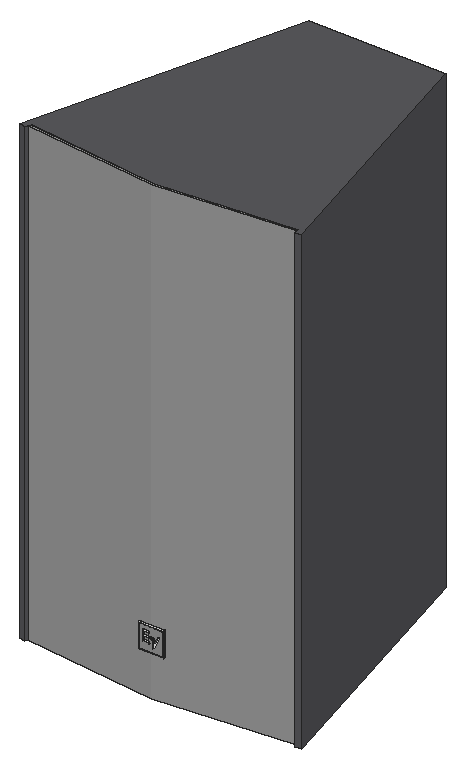
Revit family "EVF-1151S ", category Communication Devices, Revit 2017 (continued)
Definition of nested family "InputPanelV"
  Lines and regions (mm)
    model lines, not visible
      curve 201: line (60.368, -9.5, 74.713) -> (61.054, -9.5, 74.153)
      curve 202: line (61.054, -9.5, 74.153) -> (61.864, -9.5, 73.957)
      curve 203: line (61.864, -9.5, 73.957) -> (62.673, -9.5, 74.153)
      curve 204: line (62.673, -9.5, 74.153) -> (63.359, -9.5, 74.713)
      curve 205: line (63.359, -9.5, 74.713) -> (63.814, -9.5, 75.544)
      curve 206: line (63.818, -9.5, 75.551) -> (64.101, -9.5, 76.539)
      curve 207: line (64.101, -9.5, 76.539) -> (64.793, -9.5, 76.539)
      curve 208: line (64.793, -9.5, 76.539) -> (66.91, -9.5, 76.54)
      curve 209: line (66.91, -9.5, 76.54) -> (66.91, -9.5, 70.344)
      curve 210: line (61.049, -9.5, 85.998) -> (60.837, -9.5, 85.998)
      curve 211: line (60.837, -9.5, 85.998) -> (60.837, -9.5, 85.655)
      curve 212: line (60.916, -9.5, 85.517) -> (61.049, -9.5, 85.391)
      curve 213: line (61.049, -9.5, 85.391) -> (61.049, -9.5, 85.998)
      curve 214: line (61.049, -9.5, 85.998) -> (62.676, -9.5, 85.999)
      curve 215: line (62.676, -9.5, 85.999) -> (62.676, -9.5, 85.392)
      curve 216: line (62.676, -9.5, 79.084) -> (62.676, -9.5, 80.299)
      curve 217: line (62.677, -9.5, 72.779) -> (62.677, -9.5, 73.994)
      curve 218: line (62.678, -9.5, 66.472) -> (62.678, -9.5, 67.687)
      curve 219: line (61.052, -9.5, 60.773) -> (60.84, -9.5, 60.773)
      curve 220: line (60.84, -9.5, 60.773) -> (60.84, -9.5, 61.139)
      curve 221: line (60.918, -9.5, 61.255) -> (61.052, -9.5, 61.381)
      curve 222: line (61.052, -9.5, 61.381) -> (61.052, -9.5, 60.773)
      curve 223: line (61.052, -9.5, 60.773) -> (62.679, -9.5, 60.773)
      curve 224: line (62.679, -9.5, 60.773) -> (62.679, -9.5, 61.381)
      curve 225: line (60.839, -9.5, 66.735) -> (60.842, -9.5, 67.413)
      curve 226: line (60.918, -9.5, 67.56) -> (61.051, -9.5, 67.686)
      curve 227: line (61.051, -9.5, 67.686) -> (61.051, -9.5, 66.471)
      curve 228: line (61.051, -9.5, 66.471) -> (60.918, -9.5, 66.598)
      curve 229: line (61.05, -9.5, 72.779) -> (61.05, -9.5, 73.994)
      curve 230: line (61.05, -9.5, 73.994) -> (60.917, -9.5, 73.867)
      curve 231: line (60.838, -9.5, 73.752) -> (60.838, -9.5, 73.043)
      curve 232: line (60.917, -9.5, 72.905) -> (61.05, -9.5, 72.779)
      curve 233: line (60.838, -9.5, 79.348) -> (60.841, -9.5, 80.026)
      curve 234: line (60.916, -9.5, 80.173) -> (61.049, -9.5, 80.299)
      curve 235: line (61.049, -9.5, 80.299) -> (61.049, -9.5, 79.084)
      curve 236: line (61.049, -9.5, 79.084) -> (60.916, -9.5, 79.21)
      curve 237: line (65.486, -9.5, 73.675) -> (63.369, -9.5, 73.675)
      curve 238: line (63.369, -9.5, 73.675) -> (63.369, -9.5, 73.098)
      curve 239: line (63.369, -9.5, 73.098) -> (65.486, -9.5, 73.099)
      curve 240: line (65.486, -9.5, 73.099) -> (65.486, -9.5, 73.675)
      curve 241: line (65.487, -9.5, 67.368) -> (65.487, -9.5, 66.791)
      curve 242: line (65.487, -9.5, 66.791) -> (63.37, -9.5, 66.791)
      curve 243: line (63.37, -9.5, 66.791) -> (63.369, -9.5, 67.367)
      curve 244: line (63.369, -9.5, 67.367) -> (65.487, -9.5, 67.368)
      curve 245: line (65.485, -9.5, 79.98) -> (65.485, -9.5, 79.404)
      curve 246: line (65.485, -9.5, 79.404) -> (63.368, -9.5, 79.404)
      curve 247: line (63.368, -9.5, 79.404) -> (63.368, -9.5, 79.98)
      curve 248: line (63.368, -9.5, 79.98) -> (65.485, -9.5, 79.98)
      curve 249: line (63.37, -9.5, 60.773) -> (65.488, -9.5, 60.774)
      curve 250: line (65.488, -9.5, 60.774) -> (65.488, -9.5, 61.062)
      curve 251: line (65.488, -9.5, 61.062) -> (63.37, -9.5, 61.062)
      curve 252: line (63.37, -9.5, 61.062) -> (63.37, -9.5, 60.773)
      curve 253: line (63.37, -9.5, 60.773) -> (62.679, -9.5, 60.773)
      curve 254: line (62.676, -9.5, 85.999) -> (63.367, -9.5, 85.999)
      curve 255: line (63.367, -9.5, 85.999) -> (63.367, -9.5, 85.711)
      curve 256: line (63.367, -9.5, 85.711) -> (65.485, -9.5, 85.711)
      curve 257: line (65.485, -9.5, 85.711) -> (65.485, -9.5, 85.999)
      curve 258: line (65.485, -9.5, 85.999) -> (63.367, -9.5, 85.999)
      curve 259: line (63.973, -9.5, 63.722) -> (62.18, -9.5, 65.91)
      curve 260: line (62.18, -9.5, 65.91) -> (62.671, -9.5, 66.243)
      curve 261: line (63.973, -9.5, 70.028) -> (62.179, -9.5, 72.217)
      curve 262: line (62.179, -9.5, 72.217) -> (62.67, -9.5, 72.549)
      curve 263: line (63.946, -9.5, 63.467) -> (62.347, -9.5, 65.419)
      curve 264: line (62.347, -9.5, 65.419) -> (61.777, -9.5, 65.419)
      curve 265: line (61.777, -9.5, 65.419) -> (63.815, -9.5, 62.932)
      curve 266: line (63.945, -9.5, 69.773) -> (62.346, -9.5, 71.725)
      curve 267: line (62.346, -9.5, 71.725) -> (61.777, -9.5, 71.725)
      curve 268: line (61.777, -9.5, 71.725) -> (63.815, -9.5, 69.238)
      curve 269: line (63.945, -9.5, 76.08) -> (62.345, -9.5, 78.032)
      curve 270: line (62.345, -9.5, 78.032) -> (61.776, -9.5, 78.031)
      curve 271: line (61.776, -9.5, 78.031) -> (63.814, -9.5, 75.544)
      curve 272: line (63.972, -9.5, 76.334) -> (62.178, -9.5, 78.523)
      curve 273: line (62.178, -9.5, 78.523) -> (62.669, -9.5, 78.856)
      curve 274: line (63.971, -9.5, 82.641) -> (62.178, -9.5, 84.829)
      curve 275: line (62.178, -9.5, 84.829) -> (62.669, -9.5, 85.162)
      curve 276: line (63.944, -9.5, 82.386) -> (62.345, -9.5, 84.338)
      curve 277: line (62.345, -9.5, 84.338) -> (61.775, -9.5, 84.338)
      curve 278: line (61.775, -9.5, 84.338) -> (63.813, -9.5, 81.851)
      curve 279: line (66.909, -9.5, 82.956) -> (66.908, -9.5, 85.999)
      curve 280: line (66.908, -9.5, 85.999) -> (72.332, -9.5, 86)
      curve 281: line (72.332, -9.5, 86) -> (72.335, -9.5, 60.774)
      curve 282: line (72.335, -9.5, 60.774) -> (66.911, -9.5, 60.774)
      curve 283: line (65.485, -9.5, 85.999) -> (66.908, -9.5, 85.999)
      curve 284: line (72.332, -9.5, 86) -> (72.658, -9.5, 86)
      curve 285: line (72.658, -9.5, 86) -> (72.661, -9.5, 60.775)
      curve 286: line (72.661, -9.5, 60.775) -> (72.335, -9.5, 60.774)
      curve 287: line (72.335, -9.5, 60.774) -> (72.464, -9.5, 60.647)
      curve 288: line (72.464, -9.5, 60.647) -> (72.586, -9.5, 60.47)
      curve 289: line (73.116, -9.5, 67.379) -> (73.115, -9.5, 72.891)
      curve 290: line (73.115, -9.5, 72.891) -> (77.33, -9.5, 72.891)
      curve 291: line (77.33, -9.5, 72.891) -> (77.331, -9.5, 67.379)
      curve 292: line (77.331, -9.5, 67.379) -> (73.116, -9.5, 67.379)
      curve 293: line (77.331, -9.5, 66.783) -> (77.332, -9.5, 61.272)
      curve 294: line (77.332, -9.5, 61.272) -> (73.116, -9.5, 61.271)
      curve 295: line (73.116, -9.5, 61.271) -> (73.116, -9.5, 66.783)
      curve 296: line (73.116, -9.5, 66.783) -> (77.331, -9.5, 66.783)
      curve 297: line (72.661, -9.5, 60.775) -> (77.787, -9.5, 60.775)
      curve 298: line (77.787, -9.5, 60.775) -> (77.784, -9.5, 86)
      curve 299: line (77.784, -9.5, 86) -> (72.658, -9.5, 86)
      curve 300: line (73.114, -9.5, 79.991) -> (73.113, -9.5, 85.503)
      curve 301: line (73.113, -9.5, 85.503) -> (77.329, -9.5, 85.504)
      curve 302: line (77.329, -9.5, 85.504) -> (77.329, -9.5, 79.992)
      curve 303: line (77.329, -9.5, 79.992) -> (73.114, -9.5, 79.991)
      curve 304: line (77.329, -9.5, 79.396) -> (77.33, -9.5, 73.884)
      curve 305: line (77.33, -9.5, 73.884) -> (73.115, -9.5, 73.884)
      curve 306: line (73.115, -9.5, 73.884) -> (73.114, -9.5, 79.396)
      curve 307: line (73.114, -9.5, 79.396) -> (77.329, -9.5, 79.396)
      curve 308: line (73.114, -9.5, 81.158) -> (74.522, -9.5, 81.159)
      curve 309: line (74.522, -9.5, 81.159) -> (74.848, -9.5, 80.47)
      curve 310: line (74.848, -9.5, 80.47) -> (75.233, -9.5, 79.992)
      curve 311: line (73.116, -9.5, 68.546) -> (74.524, -9.5, 68.546)
      curve 312: line (74.524, -9.5, 68.546) -> (74.849, -9.5, 67.858)
      curve 313: line (74.849, -9.5, 67.858) -> (75.235, -9.5, 67.379)
      curve 314: line (73.114, -9.5, 78.229) -> (74.523, -9.5, 78.229)
      curve 315: line (74.523, -9.5, 78.229) -> (74.848, -9.5, 78.917)
      curve 316: line (74.848, -9.5, 78.917) -> (75.233, -9.5, 79.396)
      curve 317: line (73.116, -9.5, 65.616) -> (74.524, -9.5, 65.616)
      curve 318: line (74.524, -9.5, 65.616) -> (74.85, -9.5, 66.304)
      curve 319: line (74.85, -9.5, 66.304) -> (75.235, -9.5, 66.783)
      curve 320: line (73.116, -9.5, 62.239) -> (74.525, -9.5, 62.24)
      curve 321: line (74.525, -9.5, 62.24) -> (74.85, -9.5, 61.552)
      curve 322: line (74.85, -9.5, 61.552) -> (75.076, -9.5, 61.271)
      curve 323: line (73.115, -9.5, 74.852) -> (74.523, -9.5, 74.852)
      curve 324: line (74.523, -9.5, 74.852) -> (74.849, -9.5, 74.164)
      curve 325: line (74.849, -9.5, 74.164) -> (75.074, -9.5, 73.884)
      curve 326: line (73.115, -9.5, 71.922) -> (74.524, -9.5, 71.923)
      curve 327: line (74.524, -9.5, 71.923) -> (74.849, -9.5, 72.611)
      curve 328: line (75.074, -9.5, 72.891) -> (74.849, -9.5, 72.611)
      curve 329: line (74.849, -9.5, 72.611) -> (74.849, -9.5, 67.858)
      curve 330: line (73.114, -9.5, 84.535) -> (74.522, -9.5, 84.535)
      curve 331: line (74.522, -9.5, 84.535) -> (74.847, -9.5, 85.223)
      curve 332: line (74.847, -9.5, 85.223) -> (74.848, -9.5, 80.47)
      curve 333: line (75.073, -9.5, 85.503) -> (74.847, -9.5, 85.223)
      curve 334: line (74.524, -9.5, 65.616) -> (74.525, -9.5, 62.24)
      curve 335: line (74.523, -9.5, 78.229) -> (74.523, -9.5, 74.852)
      curve 336: line (74.524, -9.5, 68.546) -> (74.524, -9.5, 71.923)
      curve 337: line (74.522, -9.5, 81.159) -> (74.522, -9.5, 84.535)
      curve 338: line (72.586, -9.5, 60.208) -> (75.719, -9.5, 60.209)
      curve 339: line (75.719, -9.5, 60.209) -> (75.719, -9.5, 60.47)
      curve 340: line (75.719, -9.5, 60.47) -> (72.586, -9.5, 60.47)
      curve 341: line (72.586, -9.5, 60.47) -> (72.586, -9.5, 60.208)
      curve 342: line (72.586, -9.5, 60.208) -> (72.005, -9.5, 60.208)
      curve 343: line (72.005, -9.5, 60.208) -> (72.005, -9.5, 60.47)
      curve 344: line (72.005, -9.5, 60.47) -> (72.127, -9.5, 60.774)
      curve 345: line (72.464, -9.5, 60.647) -> (75.597, -9.5, 60.647)
      curve 346: line (75.597, -9.5, 60.647) -> (75.719, -9.5, 60.47)
      curve 347: line (76.233, -9.5, 66.783) -> (76.233, -9.5, 61.272)
      curve 348: line (76.231, -9.5, 79.396) -> (76.232, -9.5, 73.884)
      curve 349: line (76.232, -9.5, 72.891) -> (76.233, -9.5, 67.379)
      curve 350: line (76.23, -9.5, 85.504) -> (76.231, -9.5, 79.992)
      curve 351: line (74.85, -9.5, 66.304) -> (74.85, -9.5, 61.552)
      curve 352: line (74.848, -9.5, 78.917) -> (74.849, -9.5, 74.164)
      curve 353: line (65.589, -9.5, 60.469) -> (65.589, -9.5, 60.208)
      curve 354: line (65.589, -9.5, 60.208) -> (65.009, -9.5, 60.207)
      curve 355: line (65.009, -9.5, 60.207) -> (65.009, -9.5, 60.469)
      curve 356: line (65.009, -9.5, 60.469) -> (65.131, -9.5, 60.646)
      curve 357: line (65.589, -9.5, 60.208) -> (68.722, -9.5, 60.208)
      curve 358: line (68.722, -9.5, 60.208) -> (68.722, -9.5, 60.469)
      curve 359: line (54.498, -9.5, 76.538) -> (54.659, -9.5, 75.55)
      curve 360: line (54.659, -9.5, 75.55) -> (55.117, -9.5, 74.712)
      curve 361: line (55.117, -9.5, 74.712) -> (55.804, -9.5, 74.153)
      curve 362: line (55.804, -9.5, 74.153) -> (56.613, -9.5, 73.956)
      curve 363: line (56.613, -9.5, 73.956) -> (57.422, -9.5, 74.153)
      curve 364: line (57.422, -9.5, 74.153) -> (58.109, -9.5, 74.713)
      curve 365: line (58.109, -9.5, 74.713) -> (58.567, -9.5, 75.55)
      curve 366: line (58.567, -9.5, 75.55) -> (58.728, -9.5, 76.539)
      curve 367: line (58.728, -9.5, 76.539) -> (58.567, -9.5, 77.527)
      curve 368: line (58.567, -9.5, 77.527) -> (58.108, -9.5, 78.364)
      curve 369: line (58.108, -9.5, 78.364) -> (57.422, -9.5, 78.924)
      curve 370: line (57.422, -9.5, 78.924) -> (56.612, -9.5, 79.12)
      curve 371: line (56.612, -9.5, 79.12) -> (55.803, -9.5, 78.924)
      curve 372: line (55.803, -9.5, 78.924) -> (55.117, -9.5, 78.364)
      curve 373: line (55.117, -9.5, 78.364) -> (54.662, -9.5, 77.533)
      curve 374: line (54.659, -9.5, 77.526) -> (54.374, -9.5, 76.538)
      curve 375: line (54.374, -9.5, 76.538) -> (53.682, -9.5, 76.538)
      curve 376: line (53.682, -9.5, 76.538) -> (51.565, -9.5, 76.538)
      curve 377: line (51.565, -9.5, 76.538) -> (51.566, -9.5, 82.763)
      curve 378: line (54.499, -9.5, 63.925) -> (54.66, -9.5, 62.937)
      curve 379: line (54.66, -9.5, 62.937) -> (55.119, -9.5, 62.1)
      curve 380: line (55.119, -9.5, 62.1) -> (55.805, -9.5, 61.54)
      curve 381: line (55.805, -9.5, 61.54) -> (56.615, -9.5, 61.344)
      curve 382: line (56.615, -9.5, 61.344) -> (57.424, -9.5, 61.54)
      curve 383: line (57.424, -9.5, 61.54) -> (58.11, -9.5, 62.1)
      curve 384: line (58.11, -9.5, 62.1) -> (58.569, -9.5, 62.938)
      curve 385: line (58.569, -9.5, 62.938) -> (58.729, -9.5, 63.926)
      curve 386: line (58.729, -9.5, 63.926) -> (58.568, -9.5, 64.914)
      curve 387: line (58.568, -9.5, 64.914) -> (58.11, -9.5, 65.752)
      curve 388: line (58.11, -9.5, 65.752) -> (57.423, -9.5, 66.311)
      curve 389: line (57.423, -9.5, 66.311) -> (56.614, -9.5, 66.508)
      curve 390: line (56.614, -9.5, 66.508) -> (55.805, -9.5, 66.311)
      curve 391: line (55.805, -9.5, 66.311) -> (55.118, -9.5, 65.751)
      curve 392: line (55.118, -9.5, 65.751) -> (54.664, -9.5, 64.92)
      curve 393: line (54.66, -9.5, 64.914) -> (54.376, -9.5, 63.925)
      curve 394: line (54.376, -9.5, 63.925) -> (53.684, -9.5, 63.925)
      curve 395: line (53.684, -9.5, 63.925) -> (51.566, -9.5, 63.925)
      curve 396: line (51.566, -9.5, 63.925) -> (51.567, -9.5, 70.15)
      curve 397: line (54.497, -9.5, 82.844) -> (54.658, -9.5, 81.856)
      curve 398: line (54.658, -9.5, 81.856) -> (55.117, -9.5, 81.019)
      curve 399: line (55.117, -9.5, 81.019) -> (55.803, -9.5, 80.459)
      curve 400: line (55.803, -9.5, 80.459) -> (56.612, -9.5, 80.263)
      curve 401: line (56.612, -9.5, 80.263) -> (57.422, -9.5, 80.459)
      curve 402: line (57.422, -9.5, 80.459) -> (58.108, -9.5, 81.019)
      curve 403: line (58.108, -9.5, 81.019) -> (58.566, -9.5, 81.857)
      curve 404: line (58.566, -9.5, 81.857) -> (58.727, -9.5, 82.845)
      curve 405: line (58.727, -9.5, 82.845) -> (58.566, -9.5, 83.833)
      curve 406: line (58.566, -9.5, 83.833) -> (58.107, -9.5, 84.671)
      curve 407: line (58.107, -9.5, 84.671) -> (57.421, -9.5, 85.23)
      curve 408: line (57.421, -9.5, 85.23) -> (56.612, -9.5, 85.427)
      curve 409: line (56.612, -9.5, 85.427) -> (55.802, -9.5, 85.23)
      curve 410: line (55.802, -9.5, 85.23) -> (55.116, -9.5, 84.67)
      curve 411: line (55.116, -9.5, 84.67) -> (54.661, -9.5, 83.839)
      curve 412: line (54.658, -9.5, 83.833) -> (54.374, -9.5, 82.844)
      curve 413: line (54.374, -9.5, 82.844) -> (53.682, -9.5, 82.844)
      curve 414: line (53.682, -9.5, 82.844) -> (51.565, -9.5, 82.844)
      curve 415: line (51.565, -9.5, 82.844) -> (51.565, -9.5, 85.997)
      curve 416: line (54.498, -9.5, 70.232) -> (54.66, -9.5, 69.244)
      curve 417: line (54.66, -9.5, 69.244) -> (55.118, -9.5, 68.406)
      curve 418: line (55.118, -9.5, 68.406) -> (55.804, -9.5, 67.846)
      curve 419: line (55.804, -9.5, 67.846) -> (56.614, -9.5, 67.65)
      curve 420: line (56.614, -9.5, 67.65) -> (57.423, -9.5, 67.847)
      curve 421: line (57.423, -9.5, 67.847) -> (58.109, -9.5, 68.406)
      curve 422: line (58.109, -9.5, 68.406) -> (58.568, -9.5, 69.244)
      curve 423: line (58.568, -9.5, 69.244) -> (58.729, -9.5, 70.232)
      curve 424: line (58.729, -9.5, 70.232) -> (58.568, -9.5, 71.22)
      curve 425: line (58.568, -9.5, 71.22) -> (58.109, -9.5, 72.058)
      curve 426: line (58.109, -9.5, 72.058) -> (57.423, -9.5, 72.618)
      curve 427: line (57.423, -9.5, 72.618) -> (56.613, -9.5, 72.814)
      curve 428: line (56.613, -9.5, 72.814) -> (55.804, -9.5, 72.617)
      curve 429: line (55.804, -9.5, 72.617) -> (55.118, -9.5, 72.058)
      curve 430: line (55.118, -9.5, 72.058) -> (54.663, -9.5, 71.227)
      curve 431: line (54.659, -9.5, 71.22) -> (54.376, -9.5, 70.232)
      curve 432: line (54.376, -9.5, 70.232) -> (53.684, -9.5, 70.232)
      curve 433: line (53.684, -9.5, 70.232) -> (51.566, -9.5, 70.231)
      curve 434: line (51.566, -9.5, 70.231) -> (51.567, -9.5, 76.427)
      curve 435: line (57.428, -9.5, 60.773) -> (57.64, -9.5, 60.773)
      curve 436: line (57.64, -9.5, 60.773) -> (57.64, -9.5, 61.116)
      curve 437: line (57.561, -9.5, 61.254) -> (57.428, -9.5, 61.38)
      curve 438: line (57.428, -9.5, 61.38) -> (57.428, -9.5, 60.773)
      curve 439: line (57.428, -9.5, 60.773) -> (55.801, -9.5, 60.772)
      curve 440: line (55.801, -9.5, 60.772) -> (55.801, -9.5, 61.379)
      curve 441: line (55.8, -9.5, 67.687) -> (55.8, -9.5, 66.472)
      curve 442: line (55.8, -9.5, 73.992) -> (55.8, -9.5, 72.777)
      curve 443: line (55.799, -9.5, 80.299) -> (55.799, -9.5, 79.084)
      curve 444: line (57.425, -9.5, 85.998) -> (57.637, -9.5, 85.998)
      curve 445: line (57.637, -9.5, 85.998) -> (57.637, -9.5, 85.632)
      curve 446: line (57.558, -9.5, 85.516) -> (57.425, -9.5, 85.39)
      curve 447: line (57.425, -9.5, 85.39) -> (57.425, -9.5, 85.998)
      curve 448: line (57.425, -9.5, 85.998) -> (55.798, -9.5, 85.998)
      curve 449: line (55.798, -9.5, 85.998) -> (55.798, -9.5, 85.39)
      curve 450: line (57.638, -9.5, 80.036) -> (57.634, -9.5, 79.358)
      curve 451: line (57.559, -9.5, 79.211) -> (57.426, -9.5, 79.085)
      curve 452: line (57.426, -9.5, 79.085) -> (57.426, -9.5, 80.3)
      curve 453: line (57.426, -9.5, 80.3) -> (57.559, -9.5, 80.173)
      curve 454: line (57.427, -9.5, 73.992) -> (57.427, -9.5, 72.777)
      curve 455: line (57.427, -9.5, 72.777) -> (57.56, -9.5, 72.903)
      curve 456: line (57.638, -9.5, 73.019) -> (57.638, -9.5, 73.728)
      curve 457: line (57.56, -9.5, 73.866) -> (57.427, -9.5, 73.992)
      curve 458: line (57.639, -9.5, 67.423) -> (57.636, -9.5, 66.745)
      curve 459: line (57.561, -9.5, 66.598) -> (57.428, -9.5, 66.472)
      curve 460: line (57.428, -9.5, 66.472) -> (57.427, -9.5, 67.687)
      curve 461: line (57.427, -9.5, 67.687) -> (57.561, -9.5, 67.561)
      curve 462: line (52.991, -9.5, 73.096) -> (55.108, -9.5, 73.096)
      curve 463: line (55.108, -9.5, 73.096) -> (55.108, -9.5, 73.673)
      curve 464: line (55.108, -9.5, 73.673) -> (52.991, -9.5, 73.672)
      curve 465: line (52.991, -9.5, 73.672) -> (52.991, -9.5, 73.096)
      curve 466: line (52.99, -9.5, 79.403) -> (52.99, -9.5, 79.98)
      curve 467: line (52.99, -9.5, 79.98) -> (55.107, -9.5, 79.98)
      curve 468: line (55.107, -9.5, 79.98) -> (55.107, -9.5, 79.404)
      curve 469: line (55.107, -9.5, 79.404) -> (52.99, -9.5, 79.403)
      curve 470: line (52.991, -9.5, 66.791) -> (52.991, -9.5, 67.367)
      curve 471: line (52.991, -9.5, 67.367) -> (55.109, -9.5, 67.367)
      curve 472: line (55.109, -9.5, 67.367) -> (55.109, -9.5, 66.791)
      curve 473: line (55.109, -9.5, 66.791) -> (52.991, -9.5, 66.791)
      curve 474: line (55.107, -9.5, 85.998) -> (52.989, -9.5, 85.997)
      curve 475: line (52.989, -9.5, 85.997) -> (52.989, -9.5, 85.709)
      curve 476: line (52.989, -9.5, 85.709) -> (55.107, -9.5, 85.709)
      curve 477: line (55.107, -9.5, 85.709) -> (55.107, -9.5, 85.998)
      curve 478: line (55.107, -9.5, 85.998) -> (55.798, -9.5, 85.998)
      curve 479: line (55.801, -9.5, 60.772) -> (55.11, -9.5, 60.772)
      curve 480: line (55.11, -9.5, 60.772) -> (55.11, -9.5, 61.06)
      curve 481: line (55.11, -9.5, 61.06) -> (52.992, -9.5, 61.06)
      curve 482: line (52.992, -9.5, 61.06) -> (52.992, -9.5, 60.772)
      curve 483: line (52.992, -9.5, 60.772) -> (55.11, -9.5, 60.772)
      curve 484: line (54.504, -9.5, 76.743) -> (56.298, -9.5, 74.554)
      curve 485: line (56.298, -9.5, 74.554) -> (55.807, -9.5, 74.222)
      curve 486: line (54.503, -9.5, 83.049) -> (56.297, -9.5, 80.86)
      curve 487: line (56.297, -9.5, 80.86) -> (55.806, -9.5, 80.528)
      curve 488: line (54.531, -9.5, 76.998) -> (56.131, -9.5, 75.046)
      curve 489: line (56.131, -9.5, 75.046) -> (56.7, -9.5, 75.046)
      curve 490: line (56.7, -9.5, 75.046) -> (54.662, -9.5, 77.533)
      curve 491: line (54.531, -9.5, 83.304) -> (56.13, -9.5, 81.352)
      curve 492: line (56.13, -9.5, 81.352) -> (56.699, -9.5, 81.352)
      curve 493: line (56.699, -9.5, 81.352) -> (54.661, -9.5, 83.839)
      curve 494: line (54.505, -9.5, 70.437) -> (56.298, -9.5, 68.248)
      curve 495: line (56.298, -9.5, 68.248) -> (55.807, -9.5, 67.915)
      curve 496: line (54.506, -9.5, 64.13) -> (56.299, -9.5, 61.942)
      curve 497: line (56.299, -9.5, 61.942) -> (55.808, -9.5, 61.609)
      curve 498: line (54.533, -9.5, 64.385) -> (56.132, -9.5, 62.433)
      curve 499: line (56.132, -9.5, 62.433) -> (56.702, -9.5, 62.433)
      curve 500: line (56.702, -9.5, 62.433) -> (54.664, -9.5, 64.92)
      curve 501: line (54.532, -9.5, 70.691) -> (56.131, -9.5, 68.739)
      curve 502: line (56.131, -9.5, 68.739) -> (56.701, -9.5, 68.739)
      curve 503: line (56.701, -9.5, 68.739) -> (54.663, -9.5, 71.227)
      curve 504: line (51.568, -9.5, 63.815) -> (51.568, -9.5, 60.772)
      curve 505: line (51.568, -9.5, 60.772) -> (46.145, -9.5, 60.771)
      curve 506: line (46.145, -9.5, 60.771) -> (46.141, -9.5, 85.996)
      curve 507: line (46.141, -9.5, 85.996) -> (51.565, -9.5, 85.997)
      curve 508: line (51.565, -9.5, 85.997) -> (52.989, -9.5, 85.997)
      curve 509: line (52.989, -9.5, 85.997) -> (49.876, -9.5, 86.125)
      curve 510: line (49.876, -9.5, 86.125) -> (49.754, -9.5, 86.302)
      curve 511: line (52.992, -9.5, 60.772) -> (51.568, -9.5, 60.772)
      curve 512: line (45.361, -9.5, 79.392) -> (45.362, -9.5, 73.88)
      curve 513: line (45.362, -9.5, 73.88) -> (41.147, -9.5, 73.88)
      curve 514: line (41.147, -9.5, 73.88) -> (41.146, -9.5, 79.392)
      curve 515: line (41.146, -9.5, 79.392) -> (45.361, -9.5, 79.392)
      curve 516: line (41.146, -9.5, 79.988) -> (41.145, -9.5, 85.499)
      curve 517: line (41.145, -9.5, 85.499) -> (45.36, -9.5, 85.5)
      curve 518: line (45.36, -9.5, 85.5) -> (45.361, -9.5, 79.988)
      curve 519: line (45.361, -9.5, 79.988) -> (41.146, -9.5, 79.988)
      curve 520: line (45.819, -9.5, 60.771) -> (45.816, -9.5, 85.996)
      curve 521: line (45.816, -9.5, 85.996) -> (40.689, -9.5, 85.996)
      curve 522: line (40.689, -9.5, 85.996) -> (40.692, -9.5, 60.771)
      curve 523: line (40.692, -9.5, 60.771) -> (45.819, -9.5, 60.771)
      curve 524: line (45.819, -9.5, 60.771) -> (46.145, -9.5, 60.771)
      curve 525: line (45.363, -9.5, 66.78) -> (45.363, -9.5, 61.268)
      curve 526: line (45.363, -9.5, 61.268) -> (41.148, -9.5, 61.267)
      curve 527: line (41.148, -9.5, 61.267) -> (41.147, -9.5, 66.779)
      curve 528: line (41.147, -9.5, 66.779) -> (45.363, -9.5, 66.78)
      curve 529: line (41.147, -9.5, 67.375) -> (41.147, -9.5, 72.887)
      curve 530: line (41.147, -9.5, 72.887) -> (45.362, -9.5, 72.887)
      curve 531: line (45.362, -9.5, 72.887) -> (45.363, -9.5, 67.375)
      curve 532: line (45.363, -9.5, 67.375) -> (41.147, -9.5, 67.375)
      curve 533: line (45.816, -9.5, 85.996) -> (46.141, -9.5, 85.996)
      curve 534: line (46.141, -9.5, 85.996) -> (42.88, -9.5, 86.124)
      curve 535: line (42.88, -9.5, 86.124) -> (42.758, -9.5, 86.301)
      curve 536: line (42.758, -9.5, 86.301) -> (45.891, -9.5, 86.301)
      curve 537: line (45.891, -9.5, 86.301) -> (46.013, -9.5, 86.124)
      curve 538: line (45.361, -9.5, 78.225) -> (43.953, -9.5, 78.225)
      curve 539: line (43.953, -9.5, 78.225) -> (43.627, -9.5, 78.913)
      curve 540: line (43.627, -9.5, 78.913) -> (43.242, -9.5, 79.392)
      curve 541: line (45.363, -9.5, 65.613) -> (43.954, -9.5, 65.612)
      curve 542: line (43.954, -9.5, 65.612) -> (43.629, -9.5, 66.3)
      curve 543: line (43.629, -9.5, 66.3) -> (43.244, -9.5, 66.779)
      curve 544: line (45.362, -9.5, 68.542) -> (43.954, -9.5, 68.542)
      curve 545: line (43.954, -9.5, 68.542) -> (43.629, -9.5, 67.854)
      curve 546: line (43.629, -9.5, 67.854) -> (43.244, -9.5, 67.375)
      curve 547: line (45.361, -9.5, 81.155) -> (43.952, -9.5, 81.155)
      curve 548: line (43.952, -9.5, 81.155) -> (43.627, -9.5, 80.467)
      curve 549: line (43.627, -9.5, 80.467) -> (43.242, -9.5, 79.988)
      curve 550: line (45.362, -9.5, 71.919) -> (43.954, -9.5, 71.919)
      curve 551: line (43.954, -9.5, 71.919) -> (43.628, -9.5, 72.607)
      curve 552: line (43.628, -9.5, 72.607) -> (43.403, -9.5, 72.887)
      curve 553: line (45.361, -9.5, 84.532) -> (43.952, -9.5, 84.531)
      curve 554: line (43.952, -9.5, 84.531) -> (43.627, -9.5, 85.219)
      curve 555: line (43.627, -9.5, 85.219) -> (43.401, -9.5, 85.5)
      curve 556: line (45.362, -9.5, 74.849) -> (43.953, -9.5, 74.848)
      curve 557: line (43.953, -9.5, 74.848) -> (43.628, -9.5, 74.16)
      curve 558: line (43.403, -9.5, 73.88) -> (43.628, -9.5, 74.16)
      curve 559: line (43.628, -9.5, 74.16) -> (43.627, -9.5, 78.913)
      curve 560: line (45.363, -9.5, 62.236) -> (43.955, -9.5, 62.236)
      curve 561: line (43.955, -9.5, 62.236) -> (43.629, -9.5, 61.548)
      curve 562: line (43.629, -9.5, 61.548) -> (43.629, -9.5, 66.3)
      curve 563: line (43.404, -9.5, 61.267) -> (43.629, -9.5, 61.548)
      curve 564: line (43.954, -9.5, 68.542) -> (43.954, -9.5, 71.919)
      curve 565: line (43.952, -9.5, 81.155) -> (43.952, -9.5, 84.531)
      curve 566: line (43.954, -9.5, 65.612) -> (43.955, -9.5, 62.236)
      curve 567: line (43.953, -9.5, 78.225) -> (43.953, -9.5, 74.848)
      curve 568: line (45.891, -9.5, 86.301) -> (45.891, -9.5, 86.563)
      curve 569: line (45.891, -9.5, 86.563) -> (42.758, -9.5, 86.562)
      curve 570: line (42.758, -9.5, 86.562) -> (42.758, -9.5, 86.301)
      curve 571: line (45.891, -9.5, 86.563) -> (46.472, -9.5, 86.563)
      curve 572: line (46.472, -9.5, 86.563) -> (46.472, -9.5, 86.301)
      curve 573: line (46.472, -9.5, 86.301) -> (46.35, -9.5, 86.124)
      curve 574: line (42.244, -9.5, 79.988) -> (42.243, -9.5, 85.499)
      curve 575: line (42.246, -9.5, 67.375) -> (42.245, -9.5, 72.887)
      curve 576: line (42.246, -9.5, 61.267) -> (42.246, -9.5, 66.779)
      curve 577: line (42.245, -9.5, 73.88) -> (42.244, -9.5, 79.392)
      curve 578: line (43.629, -9.5, 67.854) -> (43.628, -9.5, 72.607)
      curve 579: line (43.627, -9.5, 80.467) -> (43.627, -9.5, 85.219)
      curve 580: line (52.887, -9.5, 86.302) -> (53.009, -9.5, 86.125)
      curve 581: line (52.887, -9.5, 86.563) -> (52.887, -9.5, 86.302)
      curve 582: line (52.887, -9.5, 86.302) -> (49.754, -9.5, 86.302)
      curve 583: line (49.754, -9.5, 86.302) -> (49.754, -9.5, 86.563)
      curve 584: line (49.754, -9.5, 86.563) -> (52.887, -9.5, 86.563)
      curve 585: line (52.887, -9.5, 86.563) -> (53.468, -9.5, 86.563)
      curve 586: line (53.468, -9.5, 86.563) -> (53.468, -9.5, 86.302)
      curve 587: line (53.468, -9.5, 86.302) -> (53.346, -9.5, 86.125)
      curve 588: line (78.97, -9.5, 60.972) -> (78.967, -9.5, 85.803)
      curve 589: line (78.912, -9.5, 85.748) -> (78.915, -9.5, 61.027)
      curve 590: line (77.958, -9.5, 86.812) -> (40.515, -9.5, 86.808)
      curve 591: line (40.57, -9.5, 86.753) -> (77.903, -9.5, 86.757)
      curve 592: line (39.506, -9.5, 85.799) -> (39.509, -9.5, 60.968)
      curve 593: line (39.509, -9.5, 60.97) -> (39.561, -9.5, 85.744)
      curve 594: line (40.518, -9.5, 59.959) -> (77.962, -9.5, 59.963)
      curve 595: line (77.907, -9.5, 60.018) -> (40.573, -9.5, 60.014)
      curve 596: line (61.368, -9.5, 70.233) -> (59.749, -9.5, 70.232)
      curve 597: line (59.749, -9.5, 70.232) -> (59.415, -9.5, 70.232)
      curve 598: line (61.369, -9.5, 63.926) -> (59.75, -9.5, 63.926)
      curve 599: line (59.75, -9.5, 63.926) -> (59.417, -9.5, 63.926)
      curve 600: line (61.367, -9.5, 76.539) -> (59.748, -9.5, 76.539)
      curve 601: line (59.748, -9.5, 76.539) -> (59.415, -9.5, 76.539)
      curve 602: line (61.367, -9.5, 82.845) -> (59.747, -9.5, 82.845)
      curve 603: line (59.747, -9.5, 82.845) -> (59.414, -9.5, 82.845)
      curve 604: line (57.109, -9.5, 76.538) -> (58.728, -9.5, 76.539)
      curve 605: line (58.728, -9.5, 76.539) -> (59.062, -9.5, 76.539)
      curve 606: line (57.108, -9.5, 82.845) -> (58.727, -9.5, 82.845)
      curve 607: line (58.727, -9.5, 82.845) -> (59.06, -9.5, 82.845)
      curve 608: line (57.109, -9.5, 70.232) -> (58.729, -9.5, 70.232)
      curve 609: line (58.729, -9.5, 70.232) -> (59.062, -9.5, 70.232)
      curve 610: line (57.11, -9.5, 63.926) -> (58.729, -9.5, 63.926)
      curve 611: line (58.729, -9.5, 63.926) -> (59.063, -9.5, 63.926)
    model lines
      curve 612: arc (9.156, -4.337, 86.891) -> (7.56, -4.337, 86.55) -> (6.356, -4.337, 85.448) r 3.109
      curve 613: arc (21.769, -4.337, 86.892) -> (20.172, -4.337, 86.552) -> (18.969, -4.337, 85.449) r 3.109
      curve 614: arc (2.85, -4.337, 86.889) -> (1.264, -4.337, 86.554) -> (0.063, -4.337, 85.466) r 3.108
      curve 615: arc (15.462, -4.337, 86.891) -> (13.877, -4.337, 86.556) -> (12.676, -4.337, 85.468) r 3.108
      curve 616: arc (11.869, -4.337, 85.595) -> (10.676, -4.337, 86.586) -> (9.156, -4.337, 86.892) r 3.166
      curve 617: arc (24.481, -4.337, 85.596) -> (23.289, -4.337, 86.588) -> (21.769, -4.337, 86.894) r 3.166
      curve 618: arc (5.561, -4.337, 85.594) -> (4.369, -4.337, 86.585) -> (2.85, -4.337, 86.891) r 3.165
      curve 619: arc (18.174, -4.337, 85.596) -> (16.982, -4.337, 86.586) -> (15.462, -4.337, 86.892) r 3.165
      curve 620: arc (15.462, -4.337, 87.244) -> (17.059, -4.337, 87.585) -> (18.263, -4.337, 88.687) r 3.109
      curve 621: arc (2.85, -4.337, 87.243) -> (4.446, -4.337, 87.583) -> (5.65, -4.337, 88.686) r 3.109
      curve 622: arc (21.769, -4.337, 87.246) -> (23.354, -4.337, 87.581) -> (24.556, -4.337, 88.669) r 3.108
      curve 623: arc (9.156, -4.337, 87.244) -> (10.742, -4.337, 87.58) -> (11.943, -4.337, 88.668) r 3.108
      curve 624: arc (12.75, -4.337, 88.541) -> (13.942, -4.337, 87.549) -> (15.462, -4.337, 87.243) r 3.166
      curve 625: arc (0.137, -4.337, 88.539) -> (1.33, -4.337, 87.548) -> (2.85, -4.337, 87.241) r 3.166
      curve 626: arc (19.058, -4.337, 88.541) -> (20.249, -4.337, 87.55) -> (21.769, -4.337, 87.244) r 3.165
      curve 627: arc (6.445, -4.337, 88.539) -> (7.637, -4.337, 87.549) -> (9.156, -4.337, 87.243) r 3.165
      curve 628: arc (6.61, -4.337, 83.628) -> (7.681, -4.337, 82.554) -> (9.157, -4.337, 82.203) r 2.775
      curve 629: arc (6.291, -4.337, 82.936) -> (7.544, -4.337, 81.862) -> (9.157, -4.337, 81.512) r 3.371
      curve 630: arc (6.61, -4.337, 83.628) -> (6.398, -4.337, 83.307) -> (6.291, -4.337, 82.936) r 1.273
      curve 631: arc (19.223, -4.337, 83.63) -> (20.294, -4.337, 82.556) -> (21.769, -4.337, 82.205) r 2.775
      curve 632: arc (18.904, -4.337, 82.938) -> (20.157, -4.337, 81.864) -> (21.769, -4.337, 81.513) r 3.371
      curve 633: arc (19.223, -4.337, 83.63) -> (19.011, -4.337, 83.308) -> (18.904, -4.337, 82.938) r 1.273
      curve 634: arc (0.305, -4.337, 83.627) -> (1.376, -4.337, 82.554) -> (2.85, -4.337, 82.203) r 2.774
      curve 635: arc (-0.014, -4.337, 82.936) -> (1.238, -4.337, 81.862) -> (2.851, -4.337, 81.512) r 3.37
      curve 636: arc (0.305, -4.337, 83.627) -> (0.093, -4.337, 83.306) -> (-0.014, -4.337, 82.936) r 1.273
      curve 637: arc (12.918, -4.337, 83.629) -> (13.988, -4.337, 82.555) -> (15.463, -4.337, 82.205) r 2.774
      curve 638: arc (12.599, -4.337, 82.937) -> (13.851, -4.337, 81.864) -> (15.463, -4.337, 81.513) r 3.37
      curve 639: arc (12.918, -4.337, 83.629) -> (12.705, -4.337, 83.307) -> (12.599, -4.337, 82.937) r 1.273
      curve 640: arc (9.157, -4.337, 82.203) -> (10.632, -4.337, 82.554) -> (11.703, -4.337, 83.629) r 2.775
      curve 641: arc (12.022, -4.337, 82.937) -> (11.915, -4.337, 83.307) -> (11.703, -4.337, 83.629) r 1.273
      curve 642: arc (9.157, -4.337, 81.512) -> (10.769, -4.337, 81.863) -> (12.022, -4.337, 82.937) r 3.371
      curve 643: arc (21.769, -4.337, 82.205) -> (23.245, -4.337, 82.556) -> (24.315, -4.337, 83.63) r 2.775
      curve 644: arc (24.635, -4.337, 82.939) -> (24.528, -4.337, 83.309) -> (24.315, -4.337, 83.63) r 1.273
      curve 645: arc (21.769, -4.337, 81.513) -> (23.382, -4.337, 81.864) -> (24.635, -4.337, 82.939) r 3.371
      curve 646: arc (2.85, -4.337, 82.203) -> (4.325, -4.337, 82.554) -> (5.395, -4.337, 83.628) r 2.774
      curve 647: arc (5.715, -4.337, 82.936) -> (5.608, -4.337, 83.307) -> (5.395, -4.337, 83.628) r 1.273
      curve 648: arc (2.851, -4.337, 81.512) -> (4.463, -4.337, 81.862) -> (5.715, -4.337, 82.936) r 3.37
      curve 649: arc (15.463, -4.337, 82.205) -> (16.938, -4.337, 82.556) -> (18.008, -4.337, 83.63) r 2.774
      curve 650: arc (18.327, -4.337, 82.938) -> (18.221, -4.337, 83.308) -> (18.008, -4.337, 83.63) r 1.273
      curve 651: arc (15.463, -4.337, 81.513) -> (17.075, -4.337, 81.864) -> (18.327, -4.337, 82.938) r 3.37
      curve 652: arc (2.85, -4.337, 86.679) -> (1.375, -4.337, 86.328) -> (0.305, -4.337, 85.254) r 2.774
      curve 653: arc (5.395, -4.337, 85.255) -> (4.325, -4.337, 86.329) -> (2.85, -4.337, 86.679) r 2.774
      curve 654: arc (9.156, -4.337, 86.681) -> (7.681, -4.337, 86.33) -> (6.61, -4.337, 85.255) r 2.775
      curve 655: arc (11.703, -4.337, 85.256) -> (10.632, -4.337, 86.33) -> (9.156, -4.337, 86.681) r 2.775
      curve 656: arc (15.463, -4.337, 86.681) -> (13.988, -4.337, 86.33) -> (12.917, -4.337, 85.256) r 2.774
      curve 657: arc (18.008, -4.337, 85.257) -> (16.937, -4.337, 86.33) -> (15.463, -4.337, 86.681) r 2.774
      curve 658: arc (21.769, -4.337, 86.682) -> (20.293, -4.337, 86.331) -> (19.223, -4.337, 85.257) r 2.775
      curve 659: arc (24.315, -4.337, 85.257) -> (23.244, -4.337, 86.331) -> (21.769, -4.337, 86.682) r 2.775
      curve 660: arc (6.291, -4.337, 80.819) -> (7.494, -4.337, 79.769) -> (9.047, -4.337, 79.396) r 3.348
      curve 661: arc (18.904, -4.337, 80.821) -> (20.107, -4.337, 79.771) -> (21.659, -4.337, 79.397) r 3.348
      curve 662: arc (9.268, -4.337, 79.396) -> (10.82, -4.337, 79.77) -> (12.022, -4.337, 80.82) r 3.348
      curve 663: arc (21.88, -4.337, 79.397) -> (23.432, -4.337, 79.771) -> (24.635, -4.337, 80.821) r 3.348
      curve 664: arc (-0.014, -4.337, 80.818) -> (1.202, -4.337, 79.762) -> (2.769, -4.337, 79.395) r 3.353
      curve 665: arc (12.599, -4.337, 80.82) -> (13.814, -4.337, 79.764) -> (15.382, -4.337, 79.397) r 3.353
      curve 666: arc (2.932, -4.337, 79.395) -> (4.5, -4.337, 79.763) -> (5.715, -4.337, 80.819) r 3.353
      curve 667: arc (15.545, -4.337, 79.397) -> (17.112, -4.337, 79.764) -> (18.328, -4.337, 80.821) r 3.353
      curve 668: arc (9.156, -4.337, 84.938) -> (7.784, -4.337, 84.605) -> (6.815, -4.337, 83.578) r 2.482
      curve 669: arc (2.85, -4.337, 84.937) -> (1.478, -4.337, 84.604) -> (0.509, -4.337, 83.577) r 2.482
      curve 670: arc (4.343, -4.337, 84.529) -> (3.625, -4.337, 84.836) -> (2.85, -4.337, 84.937) r 2.857
      curve 671: arc (4.501, -4.337, 83.853) -> (4.423, -4.337, 83.907) -> (4.343, -4.337, 83.959) r 2.446
      curve 672: arc (10.649, -4.337, 84.529) -> (9.931, -4.337, 84.837) -> (9.156, -4.337, 84.938) r 2.857
      curve 673: arc (10.807, -4.337, 83.854) -> (10.729, -4.337, 83.908) -> (10.649, -4.337, 83.96) r 2.446
      curve 674: arc (15.463, -4.337, 84.938) -> (14.091, -4.337, 84.606) -> (13.122, -4.337, 83.579) r 2.482
      curve 675: arc (21.769, -4.337, 84.939) -> (20.397, -4.337, 84.607) -> (19.428, -4.337, 83.579) r 2.482
      curve 676: arc (16.955, -4.337, 84.53) -> (16.237, -4.337, 84.837) -> (15.463, -4.337, 84.938) r 2.857
      curve 677: arc (17.114, -4.337, 83.854) -> (17.036, -4.337, 83.909) -> (16.955, -4.337, 83.961) r 2.446
      curve 678: arc (23.262, -4.337, 84.531) -> (22.543, -4.337, 84.838) -> (21.769, -4.337, 84.939) r 2.857
      curve 679: arc (23.42, -4.337, 83.855) -> (23.342, -4.337, 83.91) -> (23.262, -4.337, 83.961) r 2.446
      curve 680: arc (18.008, -4.337, 90.507) -> (16.937, -4.337, 91.581) -> (15.462, -4.337, 91.932) r 2.775
      curve 681: arc (18.327, -4.337, 91.199) -> (17.074, -4.337, 92.273) -> (15.462, -4.337, 92.623) r 3.371
      curve 682: arc (18.008, -4.337, 90.507) -> (18.221, -4.337, 90.828) -> (18.327, -4.337, 91.199) r 1.273
      curve 683: arc (5.396, -4.337, 90.505) -> (4.325, -4.337, 91.58) -> (2.849, -4.337, 91.93) r 2.775
      curve 684: arc (5.715, -4.337, 91.197) -> (4.462, -4.337, 92.271) -> (2.849, -4.337, 92.622) r 3.371
      curve 685: arc (5.396, -4.337, 90.505) -> (5.608, -4.337, 90.827) -> (5.715, -4.337, 91.197) r 1.273
      curve 686: arc (24.314, -4.337, 90.508) -> (23.243, -4.337, 91.581) -> (21.768, -4.337, 91.932) r 2.774
      curve 687: arc (24.633, -4.337, 91.199) -> (23.38, -4.337, 92.273) -> (21.768, -4.337, 92.624) r 3.37
      curve 688: arc (24.314, -4.337, 90.508) -> (24.526, -4.337, 90.829) -> (24.633, -4.337, 91.199) r 1.273
      curve 689: arc (11.701, -4.337, 90.506) -> (10.631, -4.337, 91.58) -> (9.156, -4.337, 91.93) r 2.774
      curve 690: arc (12.02, -4.337, 91.198) -> (10.768, -4.337, 92.272) -> (9.155, -4.337, 92.622) r 3.37
      curve 691: arc (11.701, -4.337, 90.506) -> (11.913, -4.337, 90.828) -> (12.02, -4.337, 91.198) r 1.273
      curve 692: arc (15.462, -4.337, 91.932) -> (13.986, -4.337, 91.581) -> (12.916, -4.337, 90.506) r 2.775
      curve 693: arc (12.597, -4.337, 91.198) -> (12.703, -4.337, 90.828) -> (12.916, -4.337, 90.506) r 1.273
      curve 694: arc (15.462, -4.337, 92.623) -> (13.849, -4.337, 92.272) -> (12.597, -4.337, 91.198) r 3.371
      curve 695: arc (2.849, -4.337, 91.93) -> (1.374, -4.337, 91.579) -> (0.303, -4.337, 90.505) r 2.775
      curve 696: arc (-0.016, -4.337, 91.196) -> (0.091, -4.337, 90.826) -> (0.303, -4.337, 90.505) r 1.273
      curve 697: arc (2.849, -4.337, 92.622) -> (1.237, -4.337, 92.271) -> (-0.016, -4.337, 91.196) r 3.371
      curve 698: arc (21.768, -4.337, 91.932) -> (20.293, -4.337, 91.581) -> (19.223, -4.337, 90.507) r 2.774
      curve 699: arc (18.904, -4.337, 91.199) -> (19.011, -4.337, 90.829) -> (19.223, -4.337, 90.507) r 1.273
      curve 700: arc (21.768, -4.337, 92.624) -> (20.156, -4.337, 92.273) -> (18.904, -4.337, 91.199) r 3.37
      curve 701: arc (9.156, -4.337, 91.93) -> (7.681, -4.337, 91.579) -> (6.611, -4.337, 90.506) r 2.774
      curve 702: arc (6.291, -4.337, 91.197) -> (6.398, -4.337, 90.827) -> (6.611, -4.337, 90.506) r 1.273
      curve 703: arc (9.155, -4.337, 92.622) -> (7.543, -4.337, 92.271) -> (6.291, -4.337, 91.197) r 3.37
      curve 704: arc (21.769, -4.337, 87.456) -> (23.244, -4.337, 87.807) -> (24.314, -4.337, 88.881) r 2.774
      curve 705: arc (19.223, -4.337, 88.88) -> (20.294, -4.337, 87.807) -> (21.769, -4.337, 87.456) r 2.774
      curve 706: arc (15.462, -4.337, 87.454) -> (16.938, -4.337, 87.806) -> (18.008, -4.337, 88.88) r 2.775
      curve 707: arc (12.916, -4.337, 88.879) -> (13.987, -4.337, 87.805) -> (15.462, -4.337, 87.454) r 2.775
      curve 708: arc (9.156, -4.337, 87.454) -> (10.631, -4.337, 87.805) -> (11.701, -4.337, 88.879) r 2.774
      curve 709: arc (6.611, -4.337, 88.879) -> (7.681, -4.337, 87.805) -> (9.156, -4.337, 87.454) r 2.774
      curve 710: arc (2.85, -4.337, 87.453) -> (4.325, -4.337, 87.804) -> (5.396, -4.337, 88.878) r 2.775
      curve 711: arc (0.303, -4.337, 88.878) -> (1.374, -4.337, 87.804) -> (2.85, -4.337, 87.453) r 2.775
      curve 712: arc (18.327, -4.337, 93.316) -> (17.124, -4.337, 94.366) -> (15.572, -4.337, 94.739) r 3.348
      curve 713: arc (5.715, -4.337, 93.315) -> (4.512, -4.337, 94.364) -> (2.959, -4.337, 94.738) r 3.348
      curve 714: arc (15.351, -4.337, 94.739) -> (13.799, -4.337, 94.366) -> (12.596, -4.337, 93.315) r 3.348
      curve 715: arc (2.738, -4.337, 94.738) -> (1.186, -4.337, 94.364) -> (-0.016, -4.337, 93.314) r 3.348
      curve 716: arc (24.632, -4.337, 93.317) -> (23.417, -4.337, 94.373) -> (21.849, -4.337, 94.74) r 3.353
      curve 717: arc (12.02, -4.337, 93.315) -> (10.804, -4.337, 94.371) -> (9.237, -4.337, 94.739) r 3.353
      curve 718: arc (21.686, -4.337, 94.74) -> (20.119, -4.337, 94.372) -> (18.904, -4.337, 93.316) r 3.353
      curve 719: arc (9.074, -4.337, 94.739) -> (7.506, -4.337, 94.371) -> (6.291, -4.337, 93.315) r 3.353
      curve 720: arc (21.769, -4.337, 89.198) -> (23.141, -4.337, 89.531) -> (24.11, -4.337, 90.558) r 2.482
      curve 721: arc (15.462, -4.337, 89.197) -> (16.834, -4.337, 89.53) -> (17.803, -4.337, 90.557) r 2.482
      curve 722: arc (13.97, -4.337, 89.606) -> (14.688, -4.337, 89.299) -> (15.462, -4.337, 89.197) r 2.857
      curve 723: arc (13.811, -4.337, 90.281) -> (13.889, -4.337, 90.227) -> (13.97, -4.337, 90.175) r 2.446
      curve 724: arc (20.276, -4.337, 89.607) -> (20.994, -4.337, 89.299) -> (21.769, -4.337, 89.198) r 2.857
      curve 725: arc (20.118, -4.337, 90.282) -> (20.196, -4.337, 90.228) -> (20.276, -4.337, 90.176) r 2.446
      curve 726: arc (9.156, -4.337, 89.197) -> (10.528, -4.337, 89.529) -> (11.497, -4.337, 90.556) r 2.482
      curve 727: arc (2.85, -4.337, 89.196) -> (4.222, -4.337, 89.529) -> (5.191, -4.337, 90.556) r 2.482
      curve 728: arc (1.357, -4.337, 89.604) -> (2.075, -4.337, 89.297) -> (2.85, -4.337, 89.196) r 2.857
      curve 729: arc (1.199, -4.337, 90.28) -> (1.277, -4.337, 90.225) -> (1.357, -4.337, 90.174) r 2.446
      curve 730: arc (7.663, -4.337, 89.605) -> (8.381, -4.337, 89.298) -> (9.156, -4.337, 89.197) r 2.857
      curve 731: arc (7.505, -4.337, 90.281) -> (7.583, -4.337, 90.226) -> (7.663, -4.337, 90.175) r 2.446
      curve 732: spline (-1.113, -4.337, 68.344) -> (-1.104, -4.337, 68.213) -> (-1.078, -4.337, 68.083) -> (-1.036, -4.337, 67.958) -> (-0.978, -4.337, 67.84) -> (-0.904, -4.337, 67.73) -> (-0.817, -4.337, 67.631) -> (-0.718, -4.337, 67.544) -> (-0.608, -4.337, 67.471) -> (-0.49, -4.337, 67.412) -> (-0.365, -4.337, 67.37) -> (-0.236, -4.337, 67.344) -> (-0.104, -4.337, 67.336)
      curve 733: spline (24.727, -4.337, 67.339) -> (24.859, -4.337, 67.347) -> (24.988, -4.337, 67.373) -> (25.113, -4.337, 67.415) -> (25.232, -4.337, 67.474) -> (25.341, -4.337, 67.547) -> (25.441, -4.337, 67.634) -> (25.528, -4.337, 67.733) -> (25.601, -4.337, 67.843) -> (25.659, -4.337, 67.961) -> (25.702, -4.337, 68.086) -> (25.727, -4.337, 68.216) -> (25.736, -4.337, 68.348)
      curve 734: spline (25.731, -4.337, 105.791) -> (25.723, -4.337, 105.923) -> (25.697, -4.337, 106.052) -> (25.655, -4.337, 106.177) -> (25.596, -4.337, 106.296) -> (25.523, -4.337, 106.405) -> (25.436, -4.337, 106.505) -> (25.337, -4.337, 106.592) -> (25.227, -4.337, 106.665) -> (25.109, -4.337, 106.723) -> (24.984, -4.337, 106.766) -> (24.854, -4.337, 106.791) -> (24.722, -4.337, 106.8)
      curve 735: spline (-0.106, -4.337, 106.797) -> (-0.238, -4.337, 106.789) -> (-0.368, -4.337, 106.763) -> (-0.493, -4.337, 106.721) -> (-0.612, -4.337, 106.663) -> (-0.722, -4.337, 106.589) -> (-0.821, -4.337, 106.502) -> (-0.908, -4.337, 106.403) -> (-0.982, -4.337, 106.293) -> (-1.04, -4.337, 106.175) -> (-1.083, -4.337, 106.05) -> (-1.109, -4.337, 105.92) -> (-1.117, -4.337, 105.788)
      curve 736: spline (25.676, -4.337, 105.736) -> (25.668, -4.337, 105.868) -> (25.642, -4.337, 105.997) -> (25.6, -4.337, 106.122) -> (25.541, -4.337, 106.241) -> (25.468, -4.337, 106.35) -> (25.381, -4.337, 106.45) -> (25.282, -4.337, 106.537) -> (25.172, -4.337, 106.61) -> (25.054, -4.337, 106.668) -> (24.929, -4.337, 106.711) -> (24.799, -4.337, 106.736) -> (24.667, -4.337, 106.745)
      curve 737: spline (-0.054, -4.337, 106.742) -> (-0.185, -4.337, 106.733) -> (-0.315, -4.337, 106.708) -> (-0.44, -4.337, 106.665) -> (-0.558, -4.337, 106.607) -> (-0.668, -4.337, 106.533) -> (-0.767, -4.337, 106.446) -> (-0.854, -4.337, 106.347) -> (-0.927, -4.337, 106.237) -> (-0.986, -4.337, 106.119) -> (-1.028, -4.337, 105.994) -> (-1.054, -4.337, 105.865) -> (-1.062, -4.337, 105.733)
      curve 738: spline (24.672, -4.337, 67.394) -> (24.804, -4.337, 67.402) -> (24.933, -4.337, 67.428) -> (25.058, -4.337, 67.47) -> (25.177, -4.337, 67.529) -> (25.286, -4.337, 67.602) -> (25.386, -4.337, 67.689) -> (25.473, -4.337, 67.788) -> (25.546, -4.337, 67.898) -> (25.604, -4.337, 68.017) -> (25.647, -4.337, 68.141) -> (25.672, -4.337, 68.271) -> (25.681, -4.337, 68.403)
      curve 739: spline (-1.058, -4.337, 68.399) -> (-1.049, -4.337, 68.268) -> (-1.023, -4.337, 68.138) -> (-0.981, -4.337, 68.013) -> (-0.923, -4.337, 67.895) -> (-0.849, -4.337, 67.785) -> (-0.762, -4.337, 67.686) -> (-0.663, -4.337, 67.599) -> (-0.553, -4.337, 67.526) -> (-0.435, -4.337, 67.467) -> (-0.31, -4.337, 67.425) -> (-0.18, -4.337, 67.399) -> (-0.049, -4.337, 67.391)
      curve 740: line (9.157, -4.337, 82.327) -> (10.145, -4.337, 82.488)
      curve 741: line (10.145, -4.337, 82.488) -> (10.982, -4.337, 82.947)
      curve 742: line (10.982, -4.337, 82.947) -> (11.542, -4.337, 83.633)
      curve 743: line (11.542, -4.337, 83.633) -> (11.739, -4.337, 84.442)
      curve 744: line (11.739, -4.337, 84.442) -> (11.542, -4.337, 85.252)
      curve 745: line (11.542, -4.337, 85.252) -> (10.982, -4.337, 85.938)
      curve 746: line (10.982, -4.337, 85.938) -> (10.144, -4.337, 86.396)
      curve 747: line (10.144, -4.337, 86.396) -> (9.156, -4.337, 86.557)
      curve 748: line (9.156, -4.337, 86.557) -> (8.168, -4.337, 86.396)
      curve 749: line (8.168, -4.337, 86.396) -> (7.33, -4.337, 85.937)
      curve 750: line (7.33, -4.337, 85.937) -> (6.771, -4.337, 85.251)
      curve 751: line (6.771, -4.337, 85.251) -> (6.574, -4.337, 84.442)
      curve 752: line (6.574, -4.337, 84.442) -> (6.771, -4.337, 83.632)
      curve 753: line (6.771, -4.337, 83.632) -> (7.331, -4.337, 82.946)
      curve 754: line (7.331, -4.337, 82.946) -> (8.162, -4.337, 82.491)
      curve 755: line (8.169, -4.337, 82.488) -> (9.157, -4.337, 82.203)
      curve 756: line (9.157, -4.337, 82.203) -> (9.157, -4.337, 81.512)
      curve 757: line (9.157, -4.337, 81.512) -> (9.157, -4.337, 79.394)
      curve 758: line (9.157, -4.337, 79.394) -> (2.932, -4.337, 79.395)
      curve 759: line (21.769, -4.337, 82.328) -> (22.757, -4.337, 82.489)
      curve 760: line (22.757, -4.337, 82.489) -> (23.595, -4.337, 82.948)
      curve 761: line (23.595, -4.337, 82.948) -> (24.155, -4.337, 83.634)
      curve 762: line (24.155, -4.337, 83.634) -> (24.351, -4.337, 84.444)
      curve 763: line (24.351, -4.337, 84.444) -> (24.155, -4.337, 85.253)
      curve 764: line (24.155, -4.337, 85.253) -> (23.595, -4.337, 85.939)
      curve 765: line (23.595, -4.337, 85.939) -> (22.757, -4.337, 86.398)
      curve 766: line (22.757, -4.337, 86.398) -> (21.769, -4.337, 86.559)
      curve 767: line (21.769, -4.337, 86.559) -> (20.781, -4.337, 86.397)
      curve 768: line (20.781, -4.337, 86.397) -> (19.943, -4.337, 85.939)
      curve 769: line (19.943, -4.337, 85.939) -> (19.383, -4.337, 85.253)
      curve 770: line (19.383, -4.337, 85.253) -> (19.187, -4.337, 84.443)
      curve 771: line (19.187, -4.337, 84.443) -> (19.384, -4.337, 83.634)
      curve 772: line (19.384, -4.337, 83.634) -> (19.943, -4.337, 82.948)
      curve 773: line (19.943, -4.337, 82.948) -> (20.774, -4.337, 82.493)
      curve 774: line (20.781, -4.337, 82.489) -> (21.769, -4.337, 82.205)
      curve 775: line (21.769, -4.337, 82.205) -> (21.769, -4.337, 81.513)
      curve 776: line (21.769, -4.337, 81.513) -> (21.77, -4.337, 79.396)
      curve 777: line (21.77, -4.337, 79.396) -> (15.545, -4.337, 79.397)
      curve 778: line (2.85, -4.337, 82.326) -> (3.839, -4.337, 82.487)
      curve 779: line (3.839, -4.337, 82.487) -> (4.676, -4.337, 82.946)
      curve 780: line (4.676, -4.337, 82.946) -> (5.236, -4.337, 83.632)
      curve 781: line (5.236, -4.337, 83.632) -> (5.432, -4.337, 84.441)
      curve 782: line (5.432, -4.337, 84.441) -> (5.236, -4.337, 85.251)
      curve 783: line (5.236, -4.337, 85.251) -> (4.676, -4.337, 85.937)
      curve 784: line (4.676, -4.337, 85.937) -> (3.838, -4.337, 86.395)
      curve 785: line (3.838, -4.337, 86.395) -> (2.85, -4.337, 86.556)
      curve 786: line (2.85, -4.337, 86.556) -> (1.862, -4.337, 86.395)
      curve 787: line (1.862, -4.337, 86.395) -> (1.024, -4.337, 85.937)
      curve 788: line (1.024, -4.337, 85.937) -> (0.465, -4.337, 85.25)
      curve 789: line (0.465, -4.337, 85.25) -> (0.268, -4.337, 84.441)
      curve 790: line (0.268, -4.337, 84.441) -> (0.465, -4.337, 83.631)
      curve 791: line (0.465, -4.337, 83.631) -> (1.025, -4.337, 82.945)
      curve 792: line (1.025, -4.337, 82.945) -> (1.855, -4.337, 82.491)
      curve 793: line (1.862, -4.337, 82.487) -> (2.85, -4.337, 82.203)
      curve 794: line (2.85, -4.337, 82.203) -> (2.851, -4.337, 81.512)
      curve 795: line (2.851, -4.337, 81.512) -> (2.851, -4.337, 79.394)
      curve 796: line (2.851, -4.337, 79.394) -> (-0.302, -4.337, 79.395)
      curve 797: line (-0.302, -4.337, 79.395) -> (-0.303, -4.337, 80.818)
      curve 798: line (-0.303, -4.337, 80.818) -> (-0.43, -4.337, 77.706)
      curve 799: line (-0.43, -4.337, 77.706) -> (-0.607, -4.337, 77.584)
      curve 800: line (-0.607, -4.337, 77.584) -> (-0.607, -4.337, 80.716)
      curve 801: line (-0.607, -4.337, 80.716) -> (-0.43, -4.337, 80.839)
      curve 802: line (15.463, -4.337, 82.328) -> (16.451, -4.337, 82.489)
      curve 803: line (16.451, -4.337, 82.489) -> (17.289, -4.337, 82.947)
      curve 804: line (17.289, -4.337, 82.947) -> (17.848, -4.337, 83.634)
      curve 805: line (17.848, -4.337, 83.634) -> (18.045, -4.337, 84.443)
      curve 806: line (18.045, -4.337, 84.443) -> (17.848, -4.337, 85.252)
      curve 807: line (17.848, -4.337, 85.252) -> (17.288, -4.337, 85.939)
      curve 808: line (17.288, -4.337, 85.939) -> (16.451, -4.337, 86.397)
      curve 809: line (16.451, -4.337, 86.397) -> (15.463, -4.337, 86.558)
      curve 810: line (15.463, -4.337, 86.558) -> (14.474, -4.337, 86.397)
      curve 811: line (14.474, -4.337, 86.397) -> (13.637, -4.337, 85.938)
      curve 812: line (13.637, -4.337, 85.938) -> (13.077, -4.337, 85.252)
      curve 813: line (13.077, -4.337, 85.252) -> (12.881, -4.337, 84.442)
      curve 814: line (12.881, -4.337, 84.442) -> (13.077, -4.337, 83.633)
      curve 815: line (13.077, -4.337, 83.633) -> (13.637, -4.337, 82.947)
      curve 816: line (13.637, -4.337, 82.947) -> (14.468, -4.337, 82.492)
      curve 817: line (14.475, -4.337, 82.488) -> (15.463, -4.337, 82.205)
      curve 818: line (15.463, -4.337, 82.205) -> (15.463, -4.337, 81.513)
      curve 819: line (15.463, -4.337, 81.513) -> (15.463, -4.337, 79.396)
      curve 820: line (15.463, -4.337, 79.396) -> (9.268, -4.337, 79.396)
      curve 821: line (24.922, -4.337, 85.257) -> (24.922, -4.337, 85.469)
      curve 822: line (24.922, -4.337, 85.469) -> (24.579, -4.337, 85.469)
      curve 823: line (24.441, -4.337, 85.39) -> (24.315, -4.337, 85.257)
      curve 824: line (24.315, -4.337, 85.257) -> (24.922, -4.337, 85.257)
      curve 825: line (24.922, -4.337, 85.257) -> (24.922, -4.337, 83.63)
      curve 826: line (24.922, -4.337, 83.63) -> (24.315, -4.337, 83.63)
      curve 827: line (18.008, -4.337, 83.63) -> (19.223, -4.337, 83.63)
      curve 828: line (11.703, -4.337, 83.629) -> (12.918, -4.337, 83.629)
      curve 829: line (5.395, -4.337, 83.628) -> (6.61, -4.337, 83.628)
      curve 830: line (-0.303, -4.337, 85.254) -> (-0.303, -4.337, 85.466)
      curve 831: line (-0.303, -4.337, 85.466) -> (0.063, -4.337, 85.466)
      curve 832: line (0.179, -4.337, 85.387) -> (0.305, -4.337, 85.254)
      curve 833: line (0.305, -4.337, 85.254) -> (-0.303, -4.337, 85.254)
      curve 834: line (-0.303, -4.337, 85.254) -> (-0.303, -4.337, 83.627)
      curve 835: line (-0.303, -4.337, 83.627) -> (0.305, -4.337, 83.627)
      curve 836: line (5.659, -4.337, 85.467) -> (6.337, -4.337, 85.464)
      curve 837: line (6.484, -4.337, 85.388) -> (6.61, -4.337, 85.255)
      curve 838: line (6.61, -4.337, 85.255) -> (5.395, -4.337, 85.255)
      curve 839: line (5.395, -4.337, 85.255) -> (5.521, -4.337, 85.388)
      curve 840: line (11.703, -4.337, 85.256) -> (12.917, -4.337, 85.256)
      curve 841: line (12.917, -4.337, 85.256) -> (12.791, -4.337, 85.389)
      curve 842: line (12.676, -4.337, 85.468) -> (11.966, -4.337, 85.468)
      curve 843: line (11.829, -4.337, 85.389) -> (11.703, -4.337, 85.256)
      curve 844: line (18.272, -4.337, 85.468) -> (18.95, -4.337, 85.465)
      curve 845: line (19.097, -4.337, 85.39) -> (19.223, -4.337, 85.257)
      curve 846: line (19.223, -4.337, 85.257) -> (18.008, -4.337, 85.257)
      curve 847: line (18.008, -4.337, 85.257) -> (18.134, -4.337, 85.39)
      curve 848: line (12.599, -4.337, 80.82) -> (12.599, -4.337, 82.937)
      curve 849: line (12.599, -4.337, 82.937) -> (12.022, -4.337, 82.937)
      curve 850: line (12.022, -4.337, 82.937) -> (12.022, -4.337, 80.82)
      curve 851: line (12.022, -4.337, 80.82) -> (12.599, -4.337, 80.82)
      curve 852: line (6.291, -4.337, 80.819) -> (5.715, -4.337, 80.819)
      curve 853: line (5.715, -4.337, 80.819) -> (5.715, -4.337, 82.936)
      curve 854: line (5.715, -4.337, 82.936) -> (6.291, -4.337, 82.936)
      curve 855: line (6.291, -4.337, 82.936) -> (6.291, -4.337, 80.819)
      curve 856: line (18.904, -4.337, 80.821) -> (18.328, -4.337, 80.821)
      curve 857: line (18.328, -4.337, 80.821) -> (18.327, -4.337, 82.938)
      curve 858: line (18.327, -4.337, 82.938) -> (18.904, -4.337, 82.938)
      curve 859: line (18.904, -4.337, 82.938) -> (18.904, -4.337, 80.821)
      curve 860: line (-0.303, -4.337, 82.936) -> (-0.303, -4.337, 80.818)
      curve 861: line (-0.303, -4.337, 80.818) -> (-0.014, -4.337, 80.818)
